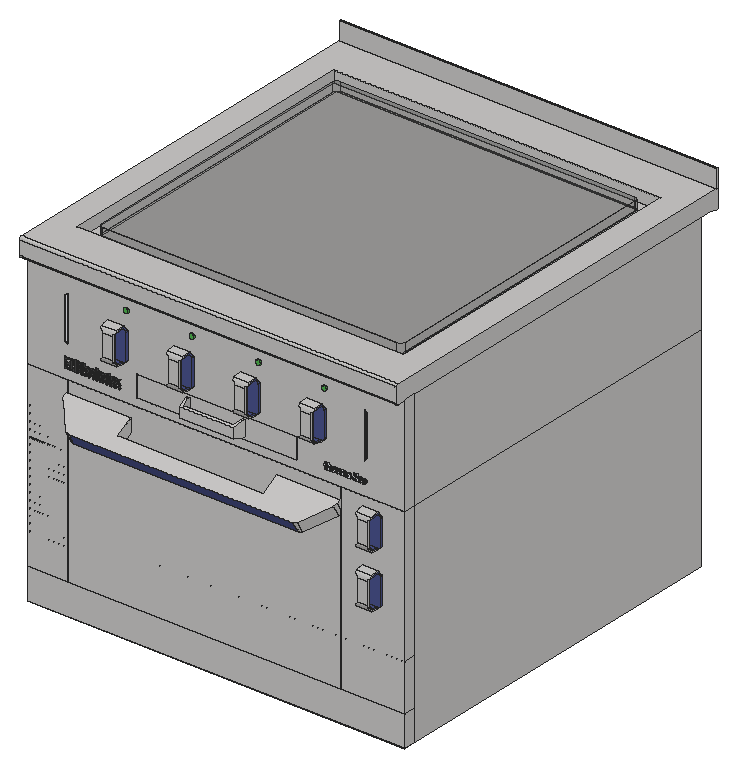
Revit family "QF_ELECTROLUXPROFESSIONAL_588695_MBLMGBH8AO", category Specialty Equipment, Revit 2023 (continued)
Definition of nested family "Front_Panel_W800_Four Knobs_Spie"
  Definition of nested family "ELX_Professional_Logo_Small"
    Forms (mm)
      Extrusion 2, solid, material <- "Material_Logo"
        sketch origin (15.5, 0, 0) x (1, 0, 0) y (0, 1, 0)
          loop
            spline (-12.295, -0.468) -> (-12.474, -0.643) -> (-12.659, -0.805) -> (-12.85, -0.953) -> (-13.048, -1.087) -> (-13.254, -1.206) -> (-13.467, -1.311) -> (-13.69, -1.4) -> (-13.921, -1.475) -> (-14.162, -1.533) -> (-14.414, -1.575) -> (-14.677, -1.6) -> (-14.951, -1.609)
            spline (-14.951, -1.609) -> (-15.398, -1.581) -> (-15.823, -1.497) -> (-16.223, -1.362) -> (-16.596, -1.179) -> (-16.937, -0.95) -> (-17.243, -0.678) -> (-17.512, -0.367) -> (-17.739, -0.02) -> (-17.921, 0.36) -> (-18.055, 0.771) -> (-18.138, 1.208) -> (-18.167, 1.669)
          loop
            spline (-4.441, -1.243) -> (-4.659, -1.247) -> (-4.894, -1.23) -> (-5.137, -1.19) -> (-5.384, -1.121) -> (-5.628, -1.021) -> (-5.864, -0.884) -> (-6.084, -0.708) -> (-6.283, -0.488) -> (-6.454, -0.219) -> (-6.592, 0.101) -> (-6.69, 0.478) -> (-6.742, 0.914)
            line (-6.742, 0.914) -> (-6.742, 4.587) -> (-4.487, 4.587) -> (-4.487, 6.838) -> (-6.738, 6.838) -> (-6.738, 10.824) -> (-9.217, 10.824) -> (-9.217, 0.773)
            spline (-9.217, 0.773) -> (-9.164, 0.19) -> (-9.068, -0.358) -> (-8.928, -0.87) -> (-8.742, -1.343) -> (-8.511, -1.777) -> (-8.232, -2.168) -> (-7.904, -2.515) -> (-7.527, -2.816) -> (-7.098, -3.069) -> (-6.618, -3.273) -> (-6.084, -3.426) -> (-5.496, -3.525)
            line (-5.496, -3.525) -> (-4.45, -3.573) -> (-4.441, -1.243)
          loop
            spline (3.898, 6.983) -> (3.469, 7.009) -> (3.056, 7.001) -> (2.661, 6.961) -> (2.283, 6.888) -> (1.925, 6.785) -> (1.588, 6.652) -> (1.272, 6.49) -> (0.979, 6.301) -> (0.71, 6.085) -> (0.465, 5.844) -> (0.247, 5.578) -> (0.056, 5.289)
            line (0.056, 5.289) -> (0.056, 6.838) -> (-2.402, 6.838) -> (-2.402, -3.572) -> (0.056, -3.572) -> (0.056, 1.901)
            spline (0.056, 1.901) -> (0.079, 2.316) -> (0.145, 2.703) -> (0.254, 3.06) -> (0.404, 3.386) -> (0.592, 3.679) -> (0.818, 3.938) -> (1.08, 4.162) -> (1.375, 4.348) -> (1.703, 4.495) -> (2.062, 4.602) -> (2.45, 4.668) -> (2.865, 4.69)
            line (2.865, 4.69) -> (3.898, 4.586) -> (3.898, 6.983)
          loop
            spline (15.638, 1.633) -> (15.586, 2.396) -> (15.435, 3.124) -> (15.192, 3.81) -> (14.863, 4.449) -> (14.455, 5.034) -> (13.975, 5.56) -> (13.43, 6.021) -> (12.826, 6.411) -> (12.17, 6.724) -> (11.469, 6.955) -> (10.729, 7.098) -> (9.958, 7.147)
            spline (9.958, 7.147) -> (9.182, 7.098) -> (8.44, 6.955) -> (7.737, 6.724) -> (7.081, 6.411) -> (6.477, 6.021) -> (5.933, 5.56) -> (5.454, 5.034) -> (5.048, 4.449) -> (4.721, 3.81) -> (4.479, 3.124) -> (4.329, 2.396) -> (4.277, 1.633)
            spline (4.277, 1.633) -> (4.329, 0.869) -> (4.479, 0.141) -> (4.721, -0.544) -> (5.048, -1.183) -> (5.454, -1.768) -> (5.933, -2.294) -> (6.477, -2.755) -> (7.081, -3.145) -> (7.737, -3.459) -> (8.44, -3.69) -> (9.182, -3.833) -> (9.958, -3.882)
            spline (9.958, -3.882) -> (10.729, -3.833) -> (11.469, -3.69) -> (12.17, -3.459) -> (12.826, -3.145) -> (13.43, -2.755) -> (13.975, -2.294) -> (14.455, -1.768) -> (14.863, -1.183) -> (15.192, -0.544) -> (15.435, 0.141) -> (15.586, 0.869) -> (15.638, 1.633)
          loop
            spline (13.18, 1.633) -> (13.151, 2.083) -> (13.067, 2.513) -> (12.932, 2.918) -> (12.748, 3.296) -> (12.52, 3.642) -> (12.251, 3.954) -> (11.943, 4.227) -> (11.601, 4.459) -> (11.228, 4.645) -> (10.828, 4.782) -> (10.403, 4.867) -> (9.958, 4.896)
            spline (9.958, 4.896) -> (9.509, 4.867) -> (9.081, 4.782) -> (8.679, 4.645) -> (8.306, 4.459) -> (7.964, 4.227) -> (7.658, 3.954) -> (7.39, 3.642) -> (7.163, 3.296) -> (6.981, 2.918) -> (6.847, 2.513) -> (6.765, 2.083) -> (6.736, 1.633)
            spline (6.736, 1.633) -> (6.765, 1.182) -> (6.847, 0.753) -> (6.981, 0.347) -> (7.163, -0.031) -> (7.39, -0.377) -> (7.658, -0.689) -> (7.964, -0.962) -> (8.306, -1.193) -> (8.679, -1.38) -> (9.081, -1.517) -> (9.509, -1.602) -> (9.958, -1.631)
            spline (9.958, -1.631) -> (10.403, -1.602) -> (10.828, -1.517) -> (11.228, -1.38) -> (11.601, -1.193) -> (11.943, -0.962) -> (12.251, -0.689) -> (12.52, -0.377) -> (12.748, -0.031) -> (12.932, 0.347) -> (13.067, 0.753) -> (13.151, 1.182) -> (13.18, 1.633)
          loop
            line (17.162, 4.269) -> (17.162, -3.573) -> (19.642, -3.573) -> (19.642, 10.824) -> (17.162, 10.824) -> (17.162, 4.269)
          loop
            line (28.581, 6.838) -> (28.581, 0.786)
            spline (28.581, 0.786) -> (28.561, 0.393) -> (28.503, 0.038) -> (28.409, -0.279) -> (28.281, -0.559) -> (28.122, -0.802) -> (27.933, -1.011) -> (27.717, -1.185) -> (27.476, -1.325) -> (27.213, -1.433) -> (26.929, -1.509) -> (26.626, -1.554) -> (26.308, -1.569)
            spline (26.308, -1.569) -> (25.99, -1.554) -> (25.688, -1.509) -> (25.404, -1.434) -> (25.141, -1.326) -> (24.9, -1.187) -> (24.684, -1.014) -> (24.496, -0.807) -> (24.336, -0.565) -> (24.209, -0.288) -> (24.115, 0.026) -> (24.057, 0.376) -> (24.037, 0.765)
            line (24.037, 0.765) -> (24.037, 6.838) -> (21.537, 6.838) -> (21.537, 0.558)
            spline (21.537, 0.558) -> (21.581, -0.153) -> (21.71, -0.8) -> (21.916, -1.384) -> (22.195, -1.904) -> (22.54, -2.362) -> (22.944, -2.757) -> (23.403, -3.09) -> (23.909, -3.362) -> (24.456, -3.572) -> (25.04, -3.722) -> (25.652, -3.811) -> (26.288, -3.841)
            spline (26.288, -3.841) -> (26.929, -3.811) -> (27.547, -3.72) -> (28.135, -3.568) -> (28.687, -3.355) -> (29.197, -3.079) -> (29.66, -2.741) -> (30.068, -2.341) -> (30.415, -1.877) -> (30.696, -1.349) -> (30.905, -0.757) -> (31.034, -0.101) -> (31.079, 0.621)
            line (31.079, 0.621) -> (31.079, 6.838) -> (28.581, 6.838)
          loop
            line (40.457, -0.243) -> (38.894, 1.942) -> (40.83, 4.579) -> (42.488, 6.837) -> (39.782, 6.837) -> (37.53, 3.719) -> (35.258, 6.837) -> (32.573, 6.837) -> (34.113, 4.731) -> (36.167, 1.922) -> (34.014, -1.076) -> (32.222, -3.573) -> (34.887, -3.573) -> (37.53, 0.104) -> (40.174, -3.573) -> (42.839, -3.573) -> (40.457, -0.243)
          loop
            line (-46.121, -5.837) -> (-48.039, -5.837) -> (-48.039, -10.814) -> (-47.016, -10.814) -> (-47.016, -9.128) -> (-46.121, -9.128)
            arc (-46.121, -9.128) -> (-44.476, -7.482) -> (-46.121, -5.837) r 1.645
          loop
            line (-46.163, -6.778) -> (-47.016, -6.778) -> (-47.016, -8.187) -> (-46.163, -8.187)
            arc (-46.163, -8.187) -> (-45.458, -7.482) -> (-46.163, -6.778) r 0.704
          loop
            line (-38.313, -5.837) -> (-40.265, -5.837) -> (-40.265, -10.814) -> (-39.241, -10.814) -> (-39.241, -9.1) -> (-38.46, -9.182) -> (-37.48, -10.814) -> (-36.318, -10.814) -> (-37.513, -8.848)
            arc (-37.513, -8.848) -> (-36.888, -8.266) -> (-36.671, -7.441) r 1.536
            arc (-36.671, -7.441) -> (-37.165, -6.305) -> (-38.313, -5.837) r 1.643
          loop
            arc (-38.402, -8.166) -> (-37.707, -7.505) -> (-38.334, -6.778) r 0.696
            line (-38.334, -6.778) -> (-39.241, -6.778) -> (-39.241, -8.166) -> (-38.402, -8.166)
          loop
            circle (-29.965, -8.325) r 2.585
          loop
            circle (-29.965, -8.325) r 1.64
          loop
            line (-23.1, -5.837) -> (-23.1, -10.814) -> (-22.076, -10.814) -> (-22.076, -8.768) -> (-20.204, -8.768) -> (-20.204, -7.828) -> (-22.076, -7.828) -> (-22.076, -6.778) -> (-20.024, -6.778) -> (-20.024, -5.837) -> (-23.1, -5.837)
          loop
            line (-15.802, -5.837) -> (-15.802, -9.2)
            arc (-15.802, -9.2) -> (-15.343, -10.34) -> (-14.209, -10.814) r 1.593
            line (-14.209, -10.814) -> (-12.602, -10.814) -> (-12.602, -10.027) -> (-14.004, -10.027)
            arc (-14.004, -10.027) -> (-14.552, -9.8) -> (-14.779, -9.252) r 0.775
            line (-14.779, -9.252) -> (-14.779, -8.424) -> (-12.789, -8.424) -> (-12.789, -7.642) -> (-14.779, -7.642) -> (-14.779, -6.778) -> (-12.651, -6.778) -> (-12.651, -5.837) -> (-15.802, -5.837)
          loop
            line (-5.909, -7.143) -> (-5.173, -6.638)
            arc (-5.173, -6.638) -> (-5.855, -5.974) -> (-6.781, -5.755) r 1.782
            arc (-6.781, -5.755) -> (-7.397, -5.878) -> (-7.944, -6.189) r 1.974
            arc (-7.944, -6.189) -> (-8.202, -6.5) -> (-8.317, -6.888) r 1.013
            arc (-8.317, -6.888) -> (-8.306, -7.341) -> (-8.192, -7.78) r 1.985
            arc (-8.192, -7.78) -> (-7.749, -8.259) -> (-7.171, -8.563) r 1.928
            arc (-7.171, -8.563) -> (-6.637, -8.779) -> (-6.131, -9.056) r 5.041
            arc (-6.131, -9.056) -> (-5.934, -9.387) -> (-6.09, -9.74) r 0.42
            arc (-6.09, -9.74) -> (-6.631, -9.96) -> (-7.204, -9.845) r 1.016
            arc (-7.204, -9.845) -> (-7.625, -9.603) -> (-7.889, -9.196) r 1.033
            line (-7.889, -9.196) -> (-8.67, -9.686)
            arc (-8.67, -9.686) -> (-8.361, -10.198) -> (-7.908, -10.589) r 1.914
            arc (-7.908, -10.589) -> (-7.334, -10.834) -> (-6.714, -10.896) r 2.063
            arc (-6.714, -10.896) -> (-5.947, -10.743) -> (-5.256, -10.376) r 2.696
            arc (-5.256, -10.376) -> (-4.95, -9.565) -> (-5.108, -8.712) r 1.618
            arc (-5.108, -8.712) -> (-5.448, -8.319) -> (-5.884, -8.035) r 1.876
            arc (-5.884, -8.035) -> (-6.434, -7.789) -> (-6.999, -7.577) r 9.883
            arc (-6.999, -7.577) -> (-7.325, -7.07) -> (-6.854, -6.694) r 0.45
            arc (-6.854, -6.694) -> (-6.329, -6.809) -> (-5.909, -7.143) r 1.197
          loop
            line (1.61, -7.143) -> (2.345, -6.638)
            arc (2.345, -6.638) -> (1.663, -5.974) -> (0.737, -5.755) r 1.782
            arc (0.737, -5.755) -> (0.121, -5.878) -> (-0.425, -6.189) r 1.974
            arc (-0.425, -6.189) -> (-0.683, -6.5) -> (-0.799, -6.888) r 1.013
            arc (-0.799, -6.888) -> (-0.788, -7.341) -> (-0.674, -7.78) r 1.985
            arc (-0.674, -7.78) -> (-0.231, -8.259) -> (0.347, -8.563) r 1.928
            arc (0.347, -8.563) -> (0.881, -8.779) -> (1.387, -9.056) r 5.041
            arc (1.387, -9.056) -> (1.584, -9.387) -> (1.428, -9.74) r 0.42
            arc (1.428, -9.74) -> (0.887, -9.96) -> (0.314, -9.845) r 1.016
            arc (0.314, -9.845) -> (-0.107, -9.603) -> (-0.371, -9.196) r 1.033
            line (-0.371, -9.196) -> (-1.152, -9.686)
            arc (-1.152, -9.686) -> (-0.842, -10.198) -> (-0.39, -10.589) r 1.914
            arc (-0.39, -10.589) -> (0.184, -10.834) -> (0.804, -10.896) r 2.063
            arc (0.804, -10.896) -> (1.572, -10.743) -> (2.263, -10.376) r 2.696
            arc (2.263, -10.376) -> (2.568, -9.565) -> (2.411, -8.712) r 1.618
            arc (2.411, -8.712) -> (2.07, -8.319) -> (1.635, -8.035) r 1.876
            arc (1.635, -8.035) -> (1.084, -7.789) -> (0.519, -7.577) r 9.883
            arc (0.519, -7.577) -> (0.193, -7.07) -> (0.665, -6.694) r 0.45
            arc (0.665, -6.694) -> (1.189, -6.809) -> (1.61, -7.143) r 1.197
          loop
            line (6.801, -5.837) -> (6.801, -10.814) -> (7.825, -10.814) -> (7.825, -5.837) -> (6.801, -5.837)
          loop
            circle (14.724, -8.325) r 1.548
          loop
            circle (14.724, -8.325) r 2.585
          loop
            line (21.59, -10.814) -> (22.623, -10.814) -> (22.623, -7.685) -> (24.9, -10.814) -> (25.895, -10.814) -> (25.895, -5.837) -> (24.861, -5.837) -> (24.861, -9.061) -> (22.585, -5.837) -> (21.59, -5.837) -> (21.59, -10.814)
          loop
            line (31.054, -10.814) -> (31.539, -9.74) -> (33.38, -9.74) -> (33.865, -10.814) -> (34.965, -10.814) -> (32.46, -5.837) -> (29.956, -10.814) -> (31.054, -10.814)
          loop
            line (32.46, -7.698) -> (31.999, -8.719) -> (32.921, -8.719) -> (32.46, -7.698)
          loop
            line (40.047, -9.873) -> (40.047, -5.837) -> (39.024, -5.837) -> (39.024, -10.814) -> (41.961, -10.814) -> (41.961, -9.873) -> (40.047, -9.873)
          loop
            line (-74.986, -10.814) -> (-53.322, -10.814) -> (-53.322, 10.82) -> (-74.986, 10.82) -> (-74.986, -10.814)
          loop
            line (-61.261, 9.758) -> (-61.261, -9.707)
            arc (-61.261, -9.707) -> (-54.066, 0.025) -> (-61.261, 9.758) r 10.18
          loop
            line (-62.251, 8.349) -> (-62.251, 9.758)
            arc (-62.251, 9.758) -> (-70.347, 7.918) -> (-74.247, 0.59) r 9.976
            line (-74.247, 0.59) -> (-71.026, 0.59)
            arc (-71.026, 0.59) -> (-65.274, 2.925) -> (-62.251, 8.349) r 9.351
          loop
            arc (-74.247, -0.539) -> (-70.353, -7.928) -> (-62.251, -9.957) r 10.237
            line (-62.251, -9.957) -> (-62.251, -8.298)
            arc (-62.251, -8.298) -> (-65.274, -2.874) -> (-71.026, -0.539) r 9.351
            line (-71.026, -0.539) -> (-74.247, -0.539)
        from 0 to 1.644
    Dimensions and locks
      aligned and locked: plane 2 to Extrusion 1
      aligned and locked: level to Extrusion 1
